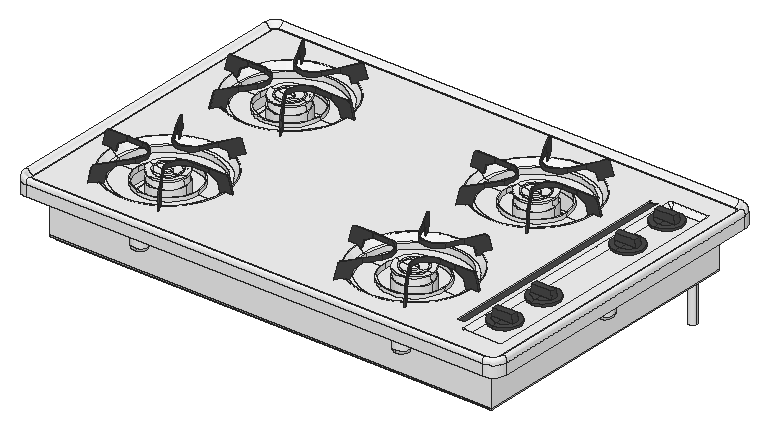
Revit family "QF_Summit_WNL053_Cooktop", category Specialty Equipment, Revit 2020 (continued)
Definition of nested family "Summit_Burner"
  Automatic sketch dimensions
    curve 8 to curve 9 = 0.00049"
    plane 8 "Center X" to curve 15 = 0.00104"
    curve 8 to curve 15 = 0.0009"
    curve 22 to plane 7 "Center Y" = 0.00467"
    curve 9 to curve 10 = 0.003"
    plane 8 "Center X" to curve 6 = 1/32"
    curve 5 to plane 8 "Center X" = 1/32"
    curve 6 to curve 5 = 0.00426"
    curve 7 to plane 3 "LEFT" = 0.24994"
    curve 10 to curve 15 = 0.00493"
    curve 9 to curve 15 = 0.00185"
    curve 9 to curve 8 = 0.00046"
    plane 8 "Center X" to curve 18 = 0.00072"
    curve 18 to curve 19 = 0.00005"
    curve 31 to curve 11 = 0.00029"
    curve 31 to curve 32 = 0.0001"
    plane 8 "Center X" to curve 26 = 0.00012"
    curve 36 to plane 8 "Center X" = 0"
    curve 37 to plane 8 "Center X" = 0"
    curve 28 to plane 8 "Center X" = 0.00005"
    curve 28 to curve 30 = 0"
    curve 28 to curve 29 = 0"
    curve 37 to curve 23 = 0.00008"
    curve 23 to curve 21 = 0.00002"
    curve 21 to curve 20 = 0.00003"
    curve 30 to curve 16 = 0.00015"
    curve 32 to curve 20 = 0.08532"
    curve 21 to curve 32 = 0.00683"
    curve 31 to curve 21 = 0.0725"
    curve 12 to curve 11 = 0.00194"
    curve 34 to curve 12 = 0.06053"
    curve 33 to curve 12 = 0.06852"
    curve 10 to curve 11 = 0.27562"
    curve 30 to curve 23 = 0.05436"
    curve 35 to curve 10 = 0.05987"
    curve 32 to curve 33 = 0.01816"
    curve 34 to curve 32 = 0.06703"
    curve 31 to curve 34 = 0.0111"
    curve 29 to curve 25 = 0.0546"
    curve 26 to curve 25 = 0.14085"
    curve 36 to curve 9 = 0.05612"
    curve 28 to curve 26 = 0.05462"
    curve 8 to curve 36 = 0.11219"
    curve 37 to curve 8 = 0.0556"
    curve 30 to curve 35 = 0.00104"
    curve 29 to curve 36 = 0.00067"
    curve 28 to curve 37 = 0.00063"
    curve 18 to curve 21 = 0.00535"
    curve 21 to curve 19 = 0.07323"
    curve 11 to curve 12 = 0.0019"
    curve 12 to curve 14 = 0.06051"
    curve 12 to curve 13 = 0.06855"
    curve 11 to curve 10 = 0.3055"
    curve 23 to curve 22 = 0.06833"
    curve 10 to curve 15 = 0.04534"
    curve 13 to curve 18 = 0.01507"
    curve 18 to curve 14 = 0.07001"
    curve 19 to plane 8 "Center X" = 0.08242"
    curve 25 to curve 24 = 0.05466"
    curve 9 to curve 16 = 0.0538"
    curve 26 to curve 27 = 7/128"
    curve 9 to curve 8 = 0.16803"
    curve 8 to curve 17 = 0.04772"
    curve 15 to curve 22 = 0.00203"
    curve 16 to curve 24 = 0.0001"
    curve 17 to curve 27 = 0.00107"
    curve 30 to curve 35 = 0.06245"
    curve 29 to curve 36 = 0.06245"
    curve 28 to curve 37 = 0.06245"
    curve 18 to curve 14 = 0.0297"
    curve 32 to curve 34 = 0.03106"
    curve 12 to curve 34 = 0.04337"
    curve 14 to curve 11 = 0.04324"
    curve 15 to curve 10 = 0.02225"
    curve 16 to curve 9 = 0.03201"
    curve 17 to curve 8 = 0.02894"
    Revolve 1 sketch curve to plane 7 "Center Y" = 0"  (x2)
    Revolve 1 sketch curve to Revolve 1 sketch curve = 0.23333"
    Revolve 1 sketch curve to plane 7 "Center Y" = 0.24695"
    Revolve 1 sketch curve to Revolve 1 sketch curve = 0.51345"
    Revolve 1 sketch curve to Revolve 1 sketch curve = 0.02917"
    Revolve 1 sketch curve to Revolve 1 sketch curve = 0.18246"
    Revolve 1 sketch curve to Revolve 1 sketch curve = 0.07859"
    Revolve 1 sketch curve to Revolve 1 sketch curve = 0.0713"
    Revolve 1 sketch curve to plane 6 "TOP" = 0.50892"
    Revolve 1 sketch curve to Revolve 1 sketch curve = 0.14989"
    Revolve 1 sketch curve to Revolve 1 sketch curve = 0.7"
    Revolve 1 sketch curve to Revolve 1 sketch curve = 0.05833"  (x2)
    plane 3 "LEFT" to Revolve 1 sketch curve = 0.74587"
    Revolve 1 sketch curve to Revolve 1 sketch curve = 0.1959"
    plane 3 "LEFT" to Revolve 1 sketch curve = 1/4"
    Revolve 1 sketch curve to plane 6 "TOP" = 0.53304"
    Revolve 1 sketch curve to Revolve 1 sketch curve = 0.02643"
    Revolve 1 sketch curve to plane 6 "TOP" = 0.8456"
    Revolve 1 sketch curve to Revolve 1 sketch curve = 0"  (x2)
    Revolve 1 sketch curve to Revolve 1 sketch curve = 0.20616"
    Revolve 1 sketch curve to Revolve 1 sketch curve = 1.38136"
    Revolve 1 sketch curve to Revolve 1 sketch curve = 0.0449"
    Revolve 1 sketch curve to Revolve 1 sketch curve = 0.35749"
    Revolve 1 sketch curve to Revolve 1 sketch curve = 0.07043"
    Revolve 1 sketch curve to Revolve 1 sketch curve = 0.03555"
    Revolve 1 sketch curve to Revolve 1 sketch curve = 0.07819"
    Revolve 1 sketch curve to Revolve 1 sketch curve = 0.04006"
    Revolve 1 sketch curve to Revolve 1 sketch curve = 0.01412"
    Revolve 1 sketch curve to Revolve 1 sketch curve = 0.0834"
    Extrusion 2 sketch curve to Extrusion 2 sketch curve = 0"  (x6)
    Extrusion 2 sketch curve to plane 7 "Center Y" = 0"
    plane 7 "Center Y" to Extrusion 2 sketch curve = 0.78533"
    plane 7 "Center Y" to Extrusion 2 sketch curve = 0.79697"
    Extrusion 2 sketch curve to Extrusion 2 sketch curve = 0.05518"  (x4)
    Extrusion 2 sketch curve to Extrusion 2 sketch curve = 0.05181"  (x4)
    Extrusion 2 sketch curve to Extrusion 2 sketch curve = 0.44677"  (x2)
    Extrusion 2 sketch curve to Extrusion 2 sketch curve = 0.54664"  (x2)
    Extrusion 2 sketch curve to plane 8 "Center X" = 1/32"
    Extrusion 2 sketch curve to Extrusion 2 sketch curve = 0.73738"  (x2)
    Extrusion 2 sketch curve to Extrusion 2 sketch curve = 0.95164"  (x2)
    Extrusion 2 sketch curve to plane 7 "Center Y" = 0.78533"
    Extrusion 2 sketch curve to plane 7 "Center Y" = 0.79697"
    plane 8 "Center X" to Extrusion 2 sketch curve = 1/32"
    plane 8 "Center X" to Extrusion 2 sketch curve = 1.39462"
    Extrusion 2 sketch curve to Extrusion 2 sketch curve = 0.02934"
    Extrusion 2 sketch curve to Extrusion 2 sketch curve = 0.41757"
    Extrusion 2 sketch curve to Extrusion 2 sketch curve = 1/16"  (x2)
    Extrusion 2 sketch curve to Extrusion 2 sketch curve = 0.88944"  (x2)
    plane 6 "TOP" to Extrusion 3 sketch curve = 1/4"
    plane 3 "LEFT" to Extrusion 3 sketch curve = 1.21219"
    Extrusion 3 sketch curve to plane 6 "TOP" = 0.05877"
    Extrusion 3 sketch curve to Extrusion 3 sketch curve = 0.53481"
    Extrusion 3 sketch curve to Extrusion 3 sketch curve = 0.12323"
    Extrusion 3 sketch curve to Extrusion 3 sketch curve = 1/4"
    Extrusion 3 sketch curve to Extrusion 3 sketch curve = 0.09613"
    plane 3 "LEFT" to Extrusion 3 sketch curve = 0.16348"
    Extrusion 3 sketch curve to plane 3 "LEFT" = 0.05937"
    Extrusion 3 sketch curve to plane 3 "LEFT" = 0.24994"
    Extrusion 3 sketch curve to plane 6 "TOP" = 0.43845"
    Extrusion 3 sketch curve to Extrusion 3 sketch curve = 0.11457"
    plane 6 "TOP" to Extrusion 3 sketch curve = 0.27032"
    Extrusion 3 sketch curve to Extrusion 3 sketch curve = 0.05556"
    plane 6 "TOP" to Extrusion 4 sketch curve = 1/4"
    Extrusion 4 sketch curve to plane 6 "TOP" = 0.05877"
    Extrusion 4 sketch curve to Extrusion 4 sketch curve = 0.53481"
    Extrusion 4 sketch curve to Extrusion 4 sketch curve = 0.12323"
    Extrusion 4 sketch curve to plane 6 "TOP" = 0.55301"
    Extrusion 4 sketch curve to Extrusion 4 sketch curve = 1/4"
    Extrusion 4 sketch curve to plane 6 "TOP" = 0.43845"
    Extrusion 4 sketch curve to Extrusion 4 sketch curve = 0.09613"
    plane 6 "TOP" to Extrusion 4 sketch curve = 0.27032"
    Extrusion 4 sketch curve to Extrusion 4 sketch curve = 0.5139"
    plane 6 "TOP" to Extrusion 4 sketch curve = 0.32589"
    Extrusion 4 sketch curve to Extrusion 4 sketch curve = 0.22285"
    Extrusion 4 sketch curve to Extrusion 4 sketch curve = 0.45796"
    plane 6 "TOP" to Extrusion 5 sketch curve = 1/4"
    plane 4 "RIGHT" to Extrusion 5 sketch curve = 1.21219"
    Extrusion 5 sketch curve to plane 6 "TOP" = 0.05877"
    Extrusion 5 sketch curve to Extrusion 5 sketch curve = 0.53481"
    Extrusion 5 sketch curve to Extrusion 5 sketch curve = 0.12323"
    Extrusion 5 sketch curve to Extrusion 5 sketch curve = 1/4"
    Extrusion 5 sketch curve to Extrusion 5 sketch curve = 0.09613"
    plane 4 "RIGHT" to Extrusion 5 sketch curve = 0.16348"
    Extrusion 5 sketch curve to plane 4 "RIGHT" = 0.05937"
    Extrusion 5 sketch curve to plane 4 "RIGHT" = 0.24994"
    plane 6 "TOP" to Extrusion 5 sketch curve = 0.27032"
    Extrusion 5 sketch curve to Extrusion 5 sketch curve = 0.05556"
    Extrusion 5 sketch curve to plane 6 "TOP" = 0.43845"
    Extrusion 5 sketch curve to Extrusion 5 sketch curve = 0.11457"
    plane 6 "TOP" to Extrusion 6 sketch curve = 1/4"
    Extrusion 6 sketch curve to plane 6 "TOP" = 0.05877"
    Extrusion 6 sketch curve to Extrusion 6 sketch curve = 0.53481"
    Extrusion 6 sketch curve to Extrusion 6 sketch curve = 0.12323"
    Extrusion 6 sketch curve to plane 6 "TOP" = 0.55301"
    Extrusion 6 sketch curve to Extrusion 6 sketch curve = 1/4"
    Extrusion 6 sketch curve to plane 6 "TOP" = 0.43845"
    Extrusion 6 sketch curve to Extrusion 6 sketch curve = 0.09613"
    plane 6 "TOP" to Extrusion 6 sketch curve = 0.27032"
    Extrusion 6 sketch curve to Extrusion 6 sketch curve = 0.5139"
    plane 6 "TOP" to Extrusion 6 sketch curve = 0.32589"
    Extrusion 6 sketch curve to Extrusion 6 sketch curve = 0.22285"
    Extrusion 6 sketch curve to Extrusion 6 sketch curve = 0.45796"
    plane 6 "TOP" to Extrusion 7 sketch curve = 1/4"
    Extrusion 7 sketch curve to plane 6 "TOP" = 0.05877"
    Extrusion 7 sketch curve to Extrusion 7 sketch curve = 0.53481"
    Extrusion 7 sketch curve to Extrusion 7 sketch curve = 0.12323"
    Extrusion 7 sketch curve to plane 6 "TOP" = 0.55301"
    Extrusion 7 sketch curve to Extrusion 7 sketch curve = 1/4"
    Extrusion 7 sketch curve to plane 6 "TOP" = 0.43845"
    Extrusion 7 sketch curve to Extrusion 7 sketch curve = 0.09613"
    plane 6 "TOP" to Extrusion 7 sketch curve = 0.27032"
    Extrusion 7 sketch curve to Extrusion 7 sketch curve = 0.5139"
    plane 6 "TOP" to Extrusion 7 sketch curve = 0.32589"
    Extrusion 7 sketch curve to Extrusion 7 sketch curve = 0.22285"
    Extrusion 7 sketch curve to Extrusion 7 sketch curve = 0.45796"
    plane 6 "TOP" to Extrusion 8 sketch curve = 1/4"
    Extrusion 8 sketch curve to plane 6 "TOP" = 0.05877"
    Extrusion 8 sketch curve to Extrusion 8 sketch curve = 0.53481"
    Extrusion 8 sketch curve to Extrusion 8 sketch curve = 0.12323"
    Extrusion 8 sketch curve to plane 6 "TOP" = 0.55301"
    Extrusion 8 sketch curve to Extrusion 8 sketch curve = 1/4"
    Extrusion 8 sketch curve to plane 6 "TOP" = 0.43845"
    Extrusion 8 sketch curve to Extrusion 8 sketch curve = 0.09613"
    plane 6 "TOP" to Extrusion 8 sketch curve = 0.27032"
    Extrusion 8 sketch curve to Extrusion 8 sketch curve = 0.5139"
    plane 6 "TOP" to Extrusion 8 sketch curve = 0.32589"
    Extrusion 8 sketch curve to Extrusion 8 sketch curve = 0.22285"
    Extrusion 8 sketch curve to Extrusion 8 sketch curve = 0.45796"
    curve 38 to curve 10 = 0.09124"
    curve 39 to curve 38 = 0.05181"
    curve 40 to curve 41 = 0.03495"
    curve 42 to plane 5 "FRONT" = 0.2744"
    curve 10 to curve 43 = 0.11316"
    curve 43 to curve 44 = 0"
    curve 44 to curve 43 = 0.05181"
    curve 45 to curve 9 = 0.5693"
    curve 45 to curve 46 = 0.03495"
    plane 8 "Center X" to curve 49 = 1/32"
    curve 49 to plane 4 "RIGHT" = 0.24994"
    curve 50 to plane 5 "FRONT" = 0.2744"
    curve 45 to curve 50 = 0.05181"
    curve 49 to plane 8 "Center X" = 1/32"
    curve 25 to curve 26 = 0.14084"
    curve 26 to curve 27 = 0.03027"
    curve 23 to curve 30 = 0.03089"
    curve 21 to curve 31 = 0.03066"
    curve 20 to curve 18 = 0.08679"
    curve 21 to curve 32 = 0.07353"
    curve 20 to curve 32 = 0.03085"
    curve 30 to curve 51 = 0.12572"
    curve 51 to curve 23 = 0.07139"
    curve 51 to curve 52 = 0.05518"
    curve 52 to curve 51 = 0.05518"
    curve 56 to curve 55 = 0.05518"
    plane 1 "BACK" to curve 57 = 0.1948"
    plane 1 "BACK" to curve 54 = 0.1948"
    radius of curve 2 = 0.80512"
    radius of curve 3 = 0.74678"
    radius of curve 4 = 0.23333"
